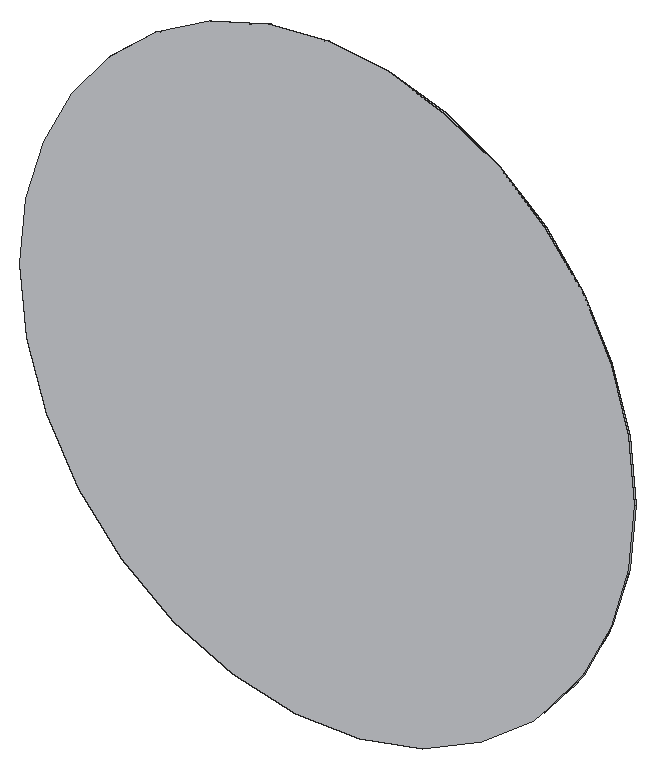
Revit family "GPC-ReceptorCaudal_AC", category Mechanical Equipment, Revit 2025
Family settings
  Round Connector Dimension = Use Diameter
  Classification = Pump
  Part Type = Normal
  OmniClass Number = 23.75.00.00
  OmniClass Title = Climate Control (HVAC)
  Work Plane-Based = Yes
  Always vertical = No
  Cut with Voids When Loaded = No
  Maintain Annotation Orientation = No
  Shared = No
  Room Calculation Point = No
Parameters (values of type "Standard")
  Radius [instance] = 1' - 7"
  Diameter [instance] = 2 * Radius  # 3' - 2"
  Default Elevation = 4' - 0"
  CWFU [instance] = 0 L/s
Types (2): name
  Standard
  Inicio_CapRoscadoGalvanizado
Reference planes (in)
  plane 1 "Center (Front/Back)": y = 0
  plane 2: z = 0
  plane 3 "Center (Left/Right)": x = 0
Forms (in)
  Extrusion 1, solid
    sketch origin (0, 0, 0) x (1, 0, 0) y (0, 0, 1)
      loop
        circle (0, 0) r 19
    from 0 to 0.03906
Dimensions and locks (in)
  "Radius": radius of Extrusion 1 sketch curve
  aligned and locked: level to plane 2
Automatic sketch dimensions
  Extrusion 1 sketch curve to level = 0' - 0"
  Extrusion 1 sketch curve to plane 3 "Center (Left/Right)" = 0' - 0"
Connectors (in)
  piping at (0, -0.03906, 0), diameter 38, driven by "Diameter", driven by "CWFU"
    settings: on Extrusion 1, index 1, connector inside diameter 24", connector length 0' - 0", flow factor 0, pipe flow 0 L/s, pressure drop 0.00 psi, fitting loss kfactor 0, connector angle 0.00°, fixture units 0, engagement length 0' - 0", angle of deflection 0.00°, flow configuration 0, flow direction 2, fitting loss method 0, system type 19, joint type 0, gender type 0, connector reference index -1, connector utility 0, adjustable connector no, is connector primary yes, connector description ""
